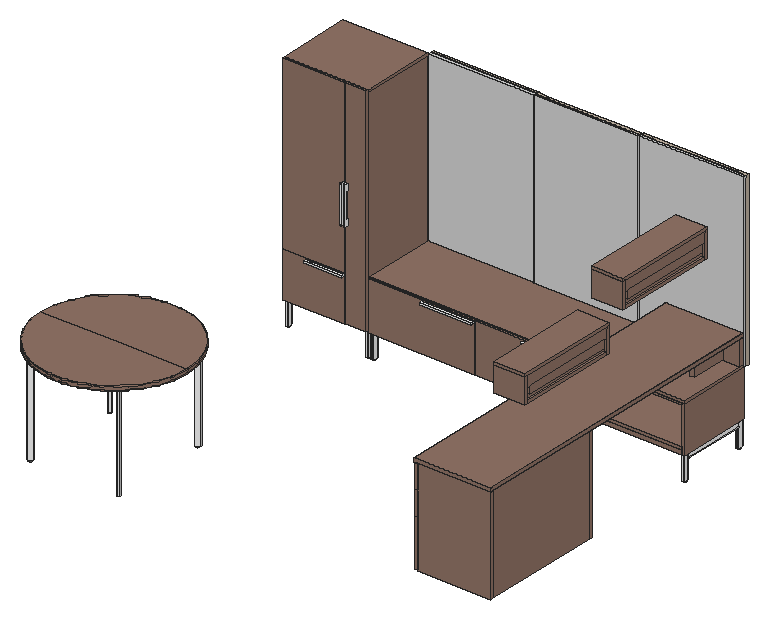
Revit family "FLV005", category Furniture, Revit 2019
Family settings
  OmniClass Number = 23.40.20.00
  OmniClass Title = General Furniture and Specialties
  Work Plane-Based = No
  Always vertical = Yes
  Cut with Voids When Loaded = No
  Shared = Yes
  Room Calculation Point = No
Parameters
  Series = "Flux Veneer"
  Manufacturer = "JSI"
  Description = "FLV005"
Reference planes (in)
  plane 1 "Center Front/Back": y = 0
  plane 2: z = 0
  plane 3 "Center Left/Right": x = 0
Dimensions and locks (in)
  aligned and locked: level to plane 2
Nested families (in)
  nested 1: "JSI-Flux-Pensl_Crednz" at (-10.75, -37.86652, 0.24984) x (0, -1, 0) z (0, 0, 1), type "FLV2290-29FPCK3, BBF Lt Pnsl Crdnz, L, Veneer"
    with Width 7' - 6", V_Top_Support_Dist 0' - 0 1/16", Top_Right_Pull_Dist 0' - 0 7/32", Top_Left_Pull_Dist 0' - 0 7/32", Pdst_L no, Pdst_Dist 4' - 5 15/16", Pdst_Depth 1' - 9 3/4", H_Top_Support_Dist 0' - 1 1/4", Depth 1' - 10", C_Pull_Dist 0' - 0 7/32", Bottom_Pull_Dist 0' - 0 7/32"
  nested 2: "JSI-Flux- Lat_File_Ped_Crednz_Leg" at (-53.81087, -12.37881, 0), type "FLV2290-21L660, Lt File Opn Pdst Crdnz, Fls Lg, Veneer"
    with Width 7' - 6", R_Shocket Dist 1' - 0.29167", R_Pull Dist 4' - 11.61979", R_Pull no, R2_Partition no, Leg Width 7' - 6", L_Socket Dist 7' - 7", Partition Dist 2' - 4.95833", L_Pull Dist 2' - 6.38021", Flush Legs yes, L666 no, L660 yes, Door Width 2' - 6.33333", Door Array Dist 0' - 0", C_Pull Dist 4' - 3.90885"
  nested 3: "JSI-Flux-Wall_Mount_Tack_Panel" at (-53.81087, -10.80516, -8.47058), type "FLB3049WT, Wall Mount Tack Panel"
    with Width 2' - 6", Support Height 0' - 7 1/2", Height 4' - 1", Depth 0' - 1.56"
  nested 4: "JSI-Flux-Wall_Mount_Tack_Panel" at (-23.81034, -11.06136, -8.47058), type "FLB3049WT, Wall Mount Tack Panel"
    with Width 2' - 6", Support Height 0' - 7 1/2", Height 4' - 1", Depth 0' - 1.56"
  nested 5: "JSI-Flux-Wall_Mount_Tack_Panel" at (6.18966, -10.80516, -8.46105), type "FLB3049WT, Wall Mount Tack Panel"
    with Width 2' - 6", Support Height 0' - 7 1/2", Height 4' - 1", Depth 0' - 1.56"
  nested 6: "JSI-Flux_9_D_Wall_Mount_Cub" at (-10.75, -50.69294, 25.0625) x (0, -1, 0) z (0, 0, 1), type "FLV0930WCU, 9" D Wall Mount Cub, Veneer"
    with Width 2' - 6", Cubbie Distance 1' - 2 5/8", Cubbie Array dist 0' - 0", # of Cubbies 2
  nested 7: "JSI-Flux_9_D_Wall_Mount_Cub" at (-10.75, -85.69294, 15.96875) x (0, -1, 0) z (0, 0, 1), type "FLV0930WCU, 9" D Wall Mount Cub, Veneer"
    with Width 2' - 6", Cubbie Distance 1' - 2 5/8", Cubbie Array dist 0' - 0", # of Cubbies 2
  nested 8: "JSI-Flux-Round_Table" at (-71.81087, -102.37881, 0), type "FLV4242RT,Veneer 42x42 Round Table"
  nested 9: "JSI-Flux-Wardrobe-Sc_Ht" at (-78.26247, -12.50381, 0), type "FLV2224-69SL8DWR, Strg Cab Dr, Wb, R, Fls Lg, Veneer"
    with Top_Pull_Dist 0' - 6 29/32", Top_2_Pull_Dist 2' - 2 1/16", R_Vertical_Pull_Dist 1' - 6 5/16", Leg_Width 2' - 0 1/16", L_Vertical_Pull_Dist 1' - 5 3/4", Hngr_R no, Hngr_L yes, Hanger_Dist 1' - 5 9/32", H_Void_Width 1' - 6", H_Void_H_Dist 0' - 0", H_Dist_V_Void 1' - 5 31/32", H_Dist_C_Panel 0' - 0", Top_Shelf_Width 1' - 4 1/2", Width 2' - 0 1/16", Partition Dist 1' - 5 9/32", L no, H_Dist_Top_Shelf 0' - 0 25/32", H_Dist_Bottom_Shelf 1' - 5 1/4", F7 yes, F2 no, C_Shelf_Width 1' - 4 1/2", C_Pull_Dist 0' - 6 29/32", Bottom_Pull_Dist 0' - 6 29/32", Bottom Pull no
Definition of nested family "JSI-Flux-Pensl_Crednz"
  Parameters (values of type "Type Catalog - Pnsl Crdnz")
    Width = 8' - 0"
    V_Top_Support_Dist = if(Pdst_L, Width - 0' 0 1/16" - 0' 1 3/16", 0' 0 1/16")  # 7' - 10 3/4"
    V_Door_Void_Dist = if(C7, (if(Pdst_Width > 1' 10", 0' 0", 0' 2")), (if(C8, 0' 0", 0' 2")))  # 0' - 2"
    Top_V_Door_Void_Dist = if(C, 0' 0", 0' 2")  # 0' - 2"
    Top_Right_Pull_Dist = if(C3, (if(Width > 4' 6", (if(Pdst_L, Pdst_Width - 0' 0 7/32" - Pull Width, 0' 0 7/32")), ((Pdst_Width - Pull Width) / 2))), if(C4, (if(Width > 4' 6", (if(Pdst_L, Pdst_Width - 0' 0 7/32" - Pull Width, 0' 0 7/32")), ((Pdst_Width - Pull Width) / 2))), ((if(Pdst_Width > 1' 10", (Pdst_Width / 2) + 0' 0 7/32", (if(C7, (if(L, (Pdst_Width - Pull Width - 0' 0 7/32"), 0' 0 7/32")), (if(Width > 4' 6", (if(Pdst_L, Pdst_Width - 0' 0 7/32" - Pull Width, 0' 0 7/32")), ((Pdst_Width - Pull Width) / 2))))))))))  # 1' - 8 29/32"
    Top_Left_Pull_Dist = if(C3, (if(Width > 4' 6", (if(Pdst_L, Pdst_Width - 0' 0 7/32" - Pull Width, 0' 0 7/32")), ((Pdst_Width - Pull Width) / 2))), if(C4, (if(Width > 4' 6", (if(Pdst_L, Pdst_Width - 0' 0 7/32" - Pull Width, 0' 0 7/32")), ((Pdst_Width - Pull Width) / 2))), (if(Pdst_Width > 1' 10", ((Pdst_Width / 2) - 0' 0 7/32" - Pull Width), (if(C7, (if(L, (Pdst_Width - Pull Width - 0' 0 7/32"), 0' 0 7/32")), (if(Width > 4' 6", (if(Pdst_L, Pdst_Width - 0' 0 7/32" - Pull Width, 0' 0 7/32")), ((Pdst_Width - Pull Width) / 2)))))))))  # 1' - 8 29/32"
    Top Shelf = if(C8, 2 > 1, 1 > 2)  # no
    Top Pull V_Dist = if(C8, 0' 7 5/64", 0' 0 3/16")  # 0' - 0 3/16"
    Top Door = if(C8, 1 > 2, (if(C0, 1 > 2, 2 > 1)))  # yes
    Top = none
    URL = "www.jsifurniture.com"
    Type Comments = ""
    T_R_Pull = if(C0, 1 > 2, 2 > 1)  # yes
    T_L_Pull = if(C0, 1 > 2, 2 > 1)  # yes
    TAG = if(C1, "BBF", (if(C2, "FF", (if(C3, "BBF", (if(C4, "FF", (if(C8, "2 Doors", (if(C0, "Open", (if(C, "BBF", (if(C7, (if(Pdst_Width > 1' 10", "2 Doors", "1 Door")), "2 Doors")))))))))))))))  # "BBF"
    Shelf Height = if(Top Shelf, 1' 0 17/32", 0' 11 3/32")  # 0' - 11 3/32"
    Shelf = none
    Series = "FLUX"  # constant formula
    R_Door_Void_Dist = if(C1, 0' 0", (if(C3, 0' 0", (if(C, (if(L, 0' 0", 0' 2")), 0' 2")))))  # 0' - 0"
    Pull Width = if(C4, 1' 2 7/8", (if(C3, 1' 2 7/8", 0' 10 27/32")))  # 1' - 2 7/8"
    Pull Finish = none
    Pdst_Width = if(C1, 1' 6", (if(C2, 1' 6", 3' 0")))  # 3' - 0"
    Pdst_L = yes
    Pdst_Dist = if(Pdst_L, 0' 0 1/16", Width - Pdst_Width - 0' 0 1/16")  # 0' - 0 1/16"
    Pdst_Depth = Depth - 0' 0 1/4"  # 1' - 9 13/16"
    Model = ""
    Manufacturer = "JSI"  # constant formula
    C8 = no
    C7 = no
    C4 = no
    C3 = yes
    C2 = no
    C1 = no
    C0 = no
    C = no
    L_Door_Void_Dist = if(C1, 0' 0", (if(C3, 0' 0", (if(C, (if(L, 0' 2", 0' 0")), 0' 2")))))  # 0' - 0"
    L = no
    Keynote = "12500"
    JSI Enviromental Website = "http://www.jsifurniture.com/jsi_sustainability_intro.php"
    Height = 2' - 5"
    H_Top_Support_Dist = if(Pdst_L, Width - 0' 1 3/16" - 0' 10" - 0' 0 1/16", 0' 0 1/16" + 0' 1 3/16")  # 7' - 0 3/4"
    Glides = none
    Drawer Line = if(C1, 2 > 1, (if(C2, 2 > 1, (if(C3, 2 > 1, (if(C4, 2 > 1, (if(C, 2 > 1, (if(C7, (if(Pdst_Width > 1' 10", 1 > 2, 2 > 1)), 1 > 2)))))))))))  # yes
    Doors Line = if(C, 2 > 1, 1 > 2)  # no
    Door Line = if(C7, (if(Pdst_Width > 1' 10", 2 > 1, 1 > 2)), (if(C8, 2 > 1, (if(C, 2 > 1, 1 > 2)))))  # no
    Door Height = if(C7, (Height - 0' 0 5/16" - 0' 0 1/4" - 0' 1 3/16"), (if(C8, (Height - 0' 0 5/16" - 0' 7 3/32" - 0' 1 3/16"), (Height - 0' 0 5/16" - 0' 0 1/4" - 0' 0 1/8" - 0' 1 3/16") / 2)))  # 1' - 1 9/16"
    Depth = 1' - 10 1/16"
    C_Shelf = if(C0, 2 > 1, (if(C1, 2 > 1, (if(C2, 2 > 1, (if(C7, 2 > 1, (if(C8, 2 > 1, 1 > 2)))))))))  # no
    C_Pull_Dist = if(C, (if(L, ((Pdst_Width / 2) + 0' 0 7/32"), ((Pdst_Width / 2) - 0' 0 7/32" - Pull Width))), (if(C1, (if(Width > 4' 6", (if(Pdst_L, Pdst_Width - 0' 0 7/32" - Pull Width, 0' 0 7/32")), ((Pdst_Width - Pull Width) / 2))), (if(C3, (if(Width > 4' 6", (if(Pdst_L, Pdst_Width - 0' 0 7/32" - Pull Width, 0' 0 7/32")), ((Pdst_Width - Pull Width) / 2))), Pdst_Width)))))  # 1' - 8 29/32"
    C_Pull = if(C, 2 > 1, (if(C1, 2 > 1, (if(C3, 2 > 1, 1 > 2)))))  # yes
    C_Partition = if(C0, 1 > 2, (if(C1, 1 > 2, (if(C2, 1 > 2, (if(C3, 1 > 2, (if(C4, 1 > 2, (if(C7, 1 > 2, (if(C8, 1 > 2, 2 > 1)))))))))))))  # no
    Bottom_Pull_Dist = if(C, ((Pdst_Width - BT_Pull_Width) / 2), (if(Pdst_L, Pdst_Width - 0' 0 7/32" - BT_Pull_Width, 0' 0 7/32")))  # 1' - 8 29/32"
    Bottom Panel Dist = if(C7, 0' 0", (if(C8, 0' 0", (if(C0, 0' 0", 0' 5 1/8")))))  # 0' - 5 1/8"
    Bottom Door = if(C0, 1 > 2, 2 > 1)  # yes
    Back Panel = none
    Door Front = none
    Description = ""
    Chassis = none
    BT_Pull_Width = if(C2, (if(Pdst_Width > 1' 10", 1' 2 7/8", 0' 10 27/32")), (if(C4, (if(Pdst_Width > 1' 10", 1' 2 7/8", 0' 10 27/32")), (if(C3, (if(Pdst_Width > 1' 10", 1' 2 7/8", 0' 10 27/32")), (if(C, (if(Pdst_Width > 1' 10", 1' 2 7/8", 0' 10 27/32")), 0' 10 27/32")))))))  # 1' - 2 7/8"
    BT_Pull_Line = if(C0, 1 > 2, 1 > 2)  # no
    BT_Pull = if(C7, 1 > 2, (if(C8, 1 > 2, (if(C0, 1 > 2, 2 > 1)))))  # yes
    Assembly Code = "E2020200"
  Reference planes (in)
    plane 1: z = 0
    plane 2 "Center (Left/Right)": x = -36.06413
    plane 3 "Center (Front/Back)": y = 10.75
    plane 4: x = -36.00163
    plane 5: x = -35.25163
    plane 6: x = -0.00163
    plane 7: x = -0.75163
    plane 8: y = -11.1875
    plane 9: y = 10.625
    plane 10: y = 9.875
    plane 11: x = -18.00163
    plane 12: y = -10.4375
    plane 13: z = 27.8125
    plane 14: z = 0.3125
    plane 15: z = 1.5
    plane 16: z = 2.25
    plane 17: z = 16.71875
    plane 18: z = 15.96875
    plane 19: z = 27.0625
    plane 20: z = 20.96875
    plane 21: z = 20.21875
    plane 22: z = 25.0625
    plane 23: y = 7.15625
    plane 24: y = 6.71875
    plane 25: y = 2.21875
    plane 26: y = -5.9375
    plane 27: y = -6.4375
    plane 28: y = 5.40625
    plane 29: y = 9.09375
    plane 30: y = -9
    plane 31: x = -34.25163
    plane 32: x = -1.75163
    plane 33: y = 8.59375
    plane 34: y = 6.09375
    plane 35: x = -21.00163
    plane 36: x = -15.00163
    plane 37: x = -18.37663
    plane 38: x = -17.62663
    plane 39: z = 27.6875
    plane 40: z = 0.4375
    plane 41: z = 14
    plane 42: z = 14.125
    plane 43: x = -18.06413
    plane 44: x = -17.93913
    plane 45: x = -35.93913
    plane 46: x = -0.06413
    plane 47: z = 20.84375
    plane 48: z = 20.96875
    plane 49: z = 20.90625
    plane 50: y = -10.4375
    plane 51: y = -11.4375
    plane 52: y = -10.4375
    plane 53: y = -11.4375
    plane 54: y = -12.4375
    plane 55: y = -13.4375
    plane 56: y = -12.4375
    plane 57: y = -13.4375
    plane 58: x = -15.09538
    plane 59: x = -15.09538
    plane 60: x = -15.09538
    plane 61: x = -15.09538
    plane 62: z = 27.5
    plane 63: z = 20.65625
    plane 64: z = 13.8125
    plane 65: z = 29
    plane 66: x = 59.93587
    plane 67: x = 59.87337
    plane 68: x = 58.68587
    plane 69: y = 10.6875
    plane 70: y = -11.3125
    plane 71: z = 22.8125
    plane 72: y = -0.28125
    plane 73: y = 5.23437
    plane 74: y = -5.79688
    plane 75: y = 5.82812
    plane 76: y = 4.64062
    plane 77: y = -5.20313
    plane 78: y = -6.39063
    plane 79: z = 21
    plane 80: x = 58.68587
    plane 81: x = 48.68587
  Forms (in)
    Extrusion 1, solid, material <- "Chassis"
      sketch origin (0, 0, 0) x (0, 1, 0) y (0, 0, 1)
        loop
          line (10.6875, 27.8125) -> (-10.4375, 27.8125) -> (-10.4375, 0.3125) -> (10.6875, 0.3125) -> (10.6875, 27.8125)
      from -36.00163 to -35.25163
    Extrusion 2, solid, material <- "Chassis"
      sketch origin (0, 0, 0) x (0, 1, 0) y (0, 0, 1)
        loop
          line (10.6875, 27.8125) -> (-10.4375, 27.8125) -> (-10.4375, 0.3125) -> (10.6875, 0.3125) -> (10.6875, 27.8125)
      from -0.75163 to -0.00163
    Extrusion 3, solid, material <- "Shelf"
      sketch origin (0, 0, 0) x (0, 1, 0) y (0, 0, 1)
        loop
          line (-6.4375, 1.5) -> (-10.4375, 1.5) -> (-10.4375, 0.3125) -> (-6.4375, 0.3125) -> (-6.4375, 1.5)
      from -35.25163 to -0.75163
    Extrusion 4, solid, material <- "Shelf"
      sketch origin (0, 0, 0) x (0, 1, 0) y (0, 0, 1)
        loop
          line (5.40625, 2.25) -> (-10.4375, 2.25) -> (-10.4375, 1.5) -> (5.40625, 1.5) -> (5.40625, 2.25)
      from -35.25163 to -0.75163
    Extrusion 5, solid, material <- "Top"
      sketch origin (0, 0, 0) x (0, 1, 0) y (0, 0, 1)
        loop
          line (6.71875, 27.0625) -> (6.71875, 27.8125) -> (2.21875, 27.8125) -> (2.21875, 27.0625) -> (6.71875, 27.0625)
      from -35.25163 to -0.75163
    Extrusion 6, solid, material <- "Top"
      sketch origin (0, 0, 0) x (0, 1, 0) y (0, 0, 1)
        loop
          line (-6.4375, 27.8125) -> (-10.4375, 27.8125) -> (-10.4375, 27.0625) -> (-6.4375, 27.0625) -> (-6.4375, 27.8125)
      from -35.25163 to -0.75163
    Extrusion 7, solid, material <- "Glides"
      sketch origin (0, 0, 0) x (1, 0, 0) y (0, 1, 0)
        loop
          circle (-34.25163, 9.09375) r 0.5
      from 0 to 0.3125
    Extrusion 8, solid, material <- "Glides"
      sketch origin (0, 0, 0) x (1, 0, 0) y (0, 1, 0)
        loop
          circle (-1.75163, 9.09375) r 0.5
      from 0 to 0.3125
    Extrusion 9, solid, material <- "Glides"
      sketch origin (0, 0, 0) x (1, 0, 0) y (0, 1, 0)
        loop
          circle (-34.25163, -9) r 0.5
      from 0 to 0.3125
    Extrusion 10, solid, material <- "Glides"
      sketch origin (0, 0, 0) x (1, 0, 0) y (0, 1, 0)
        loop
          circle (-1.75163, -9) r 0.5
      from 0 to 0.3125
    Extrusion 11, solid, material <- "Shelf", visible <- "C_Shelf"
      sketch origin (0, 0, 0) x (0, 1, 0) y (0, 0, 1)
        loop
          line (9.875, 16.71875) -> (-10.4375, 16.71875) -> (-10.4375, 15.96875) -> (9.875, 15.96875) -> (9.875, 16.71875)
      from -35.25163 to -0.75163
    Extrusion 12, solid, material <- "Shelf", visible <- "Top Shelf"
      sketch origin (0, 0, 0) x (1, 0, 0) y (0, 1, 0)
        loop
          line (-0.75163, 9.09375) -> (-35.25163, 9.09375) -> (-35.25163, -10.4375) -> (-0.75163, -10.4375) -> (-0.75163, 9.09375)
        loop
          line (-16.00163, 8.59375) -> (-20.00163, 8.59375)
          arc (-20.00163, 8.59375) -> (-20.70874, 8.30086) -> (-21.00163, 7.59375) r 1
          line (-21.00163, 7.59375) -> (-21.00163, 7.09375)
          arc (-21.00163, 7.09375) -> (-20.70874, 6.38664) -> (-20.00163, 6.09375) r 1
          line (-20.00163, 6.09375) -> (-16.00163, 6.09375)
          arc (-16.00163, 6.09375) -> (-15.29453, 6.38664) -> (-15.00163, 7.09375) r 1
          line (-15.00163, 7.09375) -> (-15.00163, 7.59375)
          arc (-15.00163, 7.59375) -> (-15.29453, 8.30086) -> (-16.00163, 8.59375) r 1
      from 20.21875 to 20.96875
    Extrusion 13, solid, material <- "Chassis", visible <- "C_Partition"
      sketch origin (0, 0, 0) x (0, 1, 0) y (0, 0, 1)
        loop
          line (9.875, 27.0625) -> (-10.4375, 27.0625) -> (-10.4375, 14.0625) -> (9.875, 14.0625) -> (9.875, 27.0625)
      from -18.37663 to -17.62663
    Extrusion 14, solid, material <- "Door Front", visible <- "Top Door"
      sketch origin (0, 0, 0) x (1, 0, 0) y (0, 1, 0)
        loop
          line (-0.06413, -10.4375) -> (-35.93913, -10.4375) -> (-35.93913, -11.1875) -> (-0.06413, -11.1875) -> (-0.06413, -10.4375)
      from 14.125 to 27.6875
    Extrusion 15, solid, material <- "Door Front", visible <- "Bottom Door"
      sketch origin (0, 0, 0) x (1, 0, 0) y (0, 1, 0)
        loop
          line (-35.93913, -10.4375) -> (-35.93913, -11.1875) -> (-0.06413, -11.1875) -> (-0.06413, -10.4375) -> (-35.93913, -10.4375)
      from 0.4375 to 14
    Extrusion 16, void
      sketch origin (0, 0, 0) x (1, 0, 0) y (0, 1, 0)
        loop
          line (-36.00163, -10.4375) -> (-36.00163, -11.4375) -> (-17.93913, -11.4375) -> (-17.93913, -10.4375) -> (-36.00163, -10.4375)
      from 20.84375 to 20.96875
    Extrusion 17, void
      sketch origin (0, 0, 0) x (1, 0, 0) y (0, 1, 0)
        loop
          line (-18.06413, -10.4375) -> (-18.06413, -11.4375) -> (-0.00163, -11.4375) -> (-0.00163, -10.4375) -> (-18.06413, -10.4375)
      from 20.84375 to 20.96875
    Extrusion 18, void
      sketch origin (0, 0, 0) x (1, 0, 0) y (0, 1, 0)
        loop
          line (-18.06413, -12.4375) -> (-18.06413, -13.4375) -> (-17.93913, -13.4375) -> (-17.93913, -12.4375) -> (-18.06413, -12.4375)
      from 14 to 27.8125
    Extrusion 19, void
      sketch origin (0, 0, 0) x (1, 0, 0) y (0, 1, 0)
        loop
          line (-18.06413, -12.4375) -> (-18.06413, -13.4375) -> (-17.93913, -13.4375) -> (-17.93913, -12.4375) -> (-18.06413, -12.4375)
      from 0 to 27.8125
    Extrusion 20, solid, material <- "Back Panel"
      sketch origin (0, 0, 0) x (0, 1, 0) y (0, 0, 1)
        loop
          line (9.875, 27.8125) -> (8.59375, 27.8125) -> (8.59375, 22.8125) -> (9.875, 22.8125) -> (9.875, 27.8125)
      from -35.25163 to -0.75163
    Extrusion 21, solid, material <- "Back Panel"
      sketch origin (0, 0, 0) x (0, 1, 0) y (0, 0, 1)
        loop
          line (10.625, 27.8125) -> (9.875, 27.8125) -> (9.875, 0.3125) -> (10.625, 0.3125) -> (10.625, 27.8125)
      from -35.25163 to -0.75163
    Extrusion 22, solid, material <- "Top"
      sketch origin (0, 0, 0) x (0, 1, 0) y (0, 0, 1)
        loop
          line (10.625, 29) -> (-11.1875, 29)
          arc (-11.1875, 29) -> (-11.27589, 28.96339) -> (-11.3125, 28.875) r 0.125
          line (-11.3125, 28.875) -> (-11.3125, 27.9375)
          arc (-11.3125, 27.9375) -> (-11.27589, 27.84911) -> (-11.1875, 27.8125) r 0.125
          line (-11.1875, 27.8125) -> (10.625, 27.8125)
          arc (10.625, 27.8125) -> (10.71339, 27.84911) -> (10.75, 27.9375) r 0.125
          line (10.75, 27.9375) -> (10.75, 28.875)
          arc (10.75, 28.875) -> (10.71339, 28.96339) -> (10.625, 29) r 0.125
      from -36.06413 to 59.93587
    Extrusion 23, solid, material <- "Chassis"
      sketch origin (0, 0, 0) x (1, 0, 0) y (0, 1, 0)
        loop
          line (58.68587, 5.82812) -> (48.68587, 5.82812) -> (48.68587, 4.64062) -> (58.68587, 4.64062) -> (58.68587, 5.82812)
      from 21 to 27.8125
    Extrusion 24, solid, material <- "Chassis"
      sketch origin (0, 0, 0) x (1, 0, 0) y (0, 1, 0)
        loop
          line (48.68587, -5.20313) -> (48.68587, -6.39063) -> (58.68587, -6.39063) -> (58.68587, -5.20313) -> (48.68587, -5.20313)
      from 21 to 27.8125
    Extrusion 25, solid, material <- "Chassis"
      sketch origin (0, 0, 0) x (1, 0, 0) y (0, 1, 0)
        loop
          line (58.68587, 10.75) -> (58.68587, -11.3125) -> (59.87337, -11.3125) -> (59.87337, 10.75) -> (58.68587, 10.75)
      from 21 to 27.8125
  Cuts and joins
    Extrusion 16, Extrusion 17, Extrusion 18, Extrusion 19 cuts Extrusion 14
    Extrusion 19 cuts Extrusion 15
  Lines and regions (in)
    symbolic lines, visible <- "C_Partition", detail levels medium+fine
      curve 1: line (-18.37663, 9.875, 0) -> (-18.37663, -10.4375, 0)
      curve 2: line (-17.62663, 9.875, 0) -> (-17.62663, -10.4375, 0)
      curve 3: line (-17.62663, 9.875, 0) -> (-18.37663, 9.875, 0)
      curve 4: line (-17.62663, -10.4375, 0) -> (-18.37663, -10.4375, 0)
    symbolic lines
      curve 5: line (-36.06413, 10.75, 0) -> (-36.06413, -11.3125, 0)
      curve 6: line (59.93587, 10.75, 0) -> (-36.06413, 10.75, 0)
      curve 7: line (59.93587, -11.3125, 0) -> (-36.06413, -11.3125, 0)
      curve 8: line (59.93587, 10.75, 0) -> (59.93587, -11.3125, 0)
    symbolic lines, detail levels medium+fine
      curve 9: line (58.68587, 10.75, 0) -> (58.68587, -11.3125, 0)
      curve 10: line (59.87337, 10.75, 0) -> (59.87337, -11.3125, 0)
      curve 11: line (59.87337, 10.75, 0) -> (58.68587, 10.75, 0)
      curve 12: line (59.87337, -11.3125, 0) -> (58.68587, -11.3125, 0)
      curve 13: line (58.68587, 5.82812, 0) -> (48.68587, 5.82812, 0)
      curve 14: line (58.68587, 4.64062, 0) -> (48.68587, 4.64062, 0)
      curve 15: line (48.68587, 5.82812, 0) -> (48.68587, 4.64062, 0)
      curve 16: line (58.68587, 5.82812, 0) -> (58.68587, 4.64062, 0)
      curve 17: line (58.68587, -5.20313, 0) -> (48.68587, -5.20313, 0)
      curve 18: line (58.68587, -6.39063, 0) -> (48.68587, -6.39063, 0)
      curve 19: line (48.68587, -5.20313, 0) -> (48.68587, -6.39063, 0)
      curve 20: line (58.68587, -5.20313, 0) -> (58.68587, -6.39063, 0)
      curve 21: line (-0.75163, 10.625, 0) -> (-35.25163, 10.625, 0)
      curve 22: line (-0.75163, 9.875, 0) -> (-35.25163, 9.875, 0)
      curve 23: line (-36.00163, 10.6875, 0) -> (-36.00163, -10.4375, 0)
      curve 24: line (-35.25163, 10.6875, 0) -> (-35.25163, -10.4375, 0)
      curve 25: line (-35.25163, 10.6875, 0) -> (-36.00163, 10.6875, 0)
      curve 26: line (-35.25163, -10.4375, 0) -> (-36.00163, -10.4375, 0)
      curve 27: line (-0.75163, 10.6875, 0) -> (-0.75163, -10.4375, 0)
      curve 28: line (-0.00163, 10.6875, 0) -> (-0.00163, -10.4375, 0)
      curve 29: line (-0.00163, 10.6875, 0) -> (-0.75163, 10.6875, 0)
      curve 30: line (-0.00163, -10.4375, 0) -> (-0.75163, -10.4375, 0)
  Dimensions and locks (in)
    "Pdst_Width": plane 4 to plane 6
    equal spacing: plane 4, plane 11, plane 6
    plane 10 to plane 9 to plane 3 "Center (Front/Back)" = 0' - 0 3/4" locked, 0' - 0 1/8" locked
    locked: plane 8 to plane 12 at 0.75
    plane 4 to plane 5 to plane 31 = 0' - 0 3/4" locked, 0' - 1" locked
    plane 32 to plane 7 to plane 6 = 0' - 1" locked, 0' - 0 3/4" locked
    locked: plane 13 to plane 19 at 0.75
    locked: plane 17 to plane 18 at 0.75
    locked: plane 14 to plane 1 at 0.3125
    plane 16 to plane 15 to plane 14 = 0' - 0 3/4" locked, 0' - 1 3/16" locked
    "Shelf Height": plane 13 to plane 17
    locked: plane 20 to plane 21 at 0.75
    locked: plane 13 to plane 20 at 6.84375
    locked: plane 13 to plane 22 at 2.75
    plane 25 to plane 24 to plane 23 to plane 3 "Center (Front/Back)" = 0' - 4 1/2" locked, 0' - 0 7/16" locked, 0' - 3 19/32" locked
    locked: plane 12 to plane 26 at 4.5
    locked: plane 12 to plane 27 at 4
    locked: plane 29 to plane 3 "Center (Front/Back)" at 1.65625
    locked: plane 12 to plane 30 at 1.4375
    plane 34 to plane 33 to plane 10 = 0' - 2 1/2" locked, 0' - 1 9/32" locked
    locked: plane 35 to plane 36 at 6
    equal spacing: plane 35, plane 11, plane 36
    plane 37 to plane 11 to plane 38 = 0' - 0 3/8" locked, 0' - 0 3/8" locked
    locked: plane 13 to plane 39 at 0.125
    locked: plane 16 to plane 40 at 1.8125
    "Door Height": plane 41 to plane 40
    "Door Height": plane 39 to plane 42
    plane 43 to plane 11 to plane 44 = 0' - 0 1/16" locked, 0' - 0 1/16" locked
    locked: plane 4 to plane 45 at 0.0625
    locked: plane 46 to plane 6 at 0.0625
    plane 48 to plane 49 to plane 47 = 0' - 0 1/16" locked, 0' - 0 1/16" locked
    equal spacing: plane 39, plane 49, plane 42
    locked: plane 51 to plane 50 at 1
    locked: plane 53 to plane 52 at 1
    "L_Door_Void_Dist": plane 50 to plane 12
    "R_Door_Void_Dist": plane 52 to plane 12
    locked: plane 55 to plane 54 at 1
    "Top_V_Door_Void_Dist": plane 54 to plane 12
    locked: plane 57 to plane 56 at 1
    "V_Door_Void_Dist": plane 56 to plane 12
    locked: plane 47 to plane 63 at 0.1875
    "Top Pull V_Dist": plane 39 to plane 62
    locked: plane 41 to plane 64 at 0.1875
    "Top_Left_Pull_Dist": plane 4 to plane 58
    "Top_Right_Pull_Dist": plane 4 to plane 59
    "C_Pull_Dist": plane 4 to plane 60
    "Bottom_Pull_Dist": plane 4 to plane 61
    "Height": plane 65 to plane 1
    "Pdst_Dist": plane 2 "Center (Left/Right)" to plane 4
    "Pdst_Depth": plane 8 to plane 9
    locked: plane 69 to plane 3 "Center (Front/Back)" at 0.0625
    locked: plane 70 to plane 8 at 0.125
    "Depth": plane 70 to plane 3 "Center (Front/Back)"
    locked: plane 13 to plane 71 at 5
    "Width": plane 2 "Center (Left/Right)" to plane 66
    equal spacing: plane 70, plane 72, plane 3 "Center (Front/Back)"
    equal spacing: plane 72, plane 73, plane 3 "Center (Front/Back)"
    equal spacing: plane 70, plane 74, plane 72
    locked: plane 78 to plane 77 at 1.1875
    locked: plane 74 to plane 77 at 0.59375
    locked: plane 76 to plane 75 at 1.1875
    locked: plane 73 to plane 75 at 0.59375
    locked: plane 13 to plane 79 at 6.8125
    locked: plane 81 to plane 80 at 10
    locked: plane 68 to plane 67 at 1.1875
    "H_Top_Support_Dist": plane 2 "Center (Left/Right)" to plane 81
    "V_Top_Support_Dist": plane 2 "Center (Left/Right)" to plane 68
    locked: curve 25 to curve 26 at 21.125
    locked: curve 29 to curve 30 at 21.125
    locked: curve 23 to curve 24 at 0.75
    locked: curve 27 to curve 28 at 0.75
    curve 29 to curve 30 = 1' - 9 1/8"
    radius of Extrusion 7 sketch curve = 0' - 0 1/2"
    radius of Extrusion 8 sketch curve = 0' - 0 1/2"
    radius of Extrusion 9 sketch curve = 0' - 0 1/2"
    radius of Extrusion 10 sketch curve = 0' - 0 1/2"
    aligned and locked: level to plane 1
    aligned and locked: plane 13 to Extrusion 1 sketch curve
    aligned and locked: plane 12 to Extrusion 1 sketch curve
    aligned and locked: plane 14 to Extrusion 1 sketch curve
    aligned and locked: Extrusion 1 to plane 4
    aligned and locked: plane 5 to Extrusion 1
    aligned and locked: plane 13 to Extrusion 2 sketch curve
    aligned and locked: plane 12 to Extrusion 2 sketch curve
    aligned and locked: plane 14 to Extrusion 2 sketch curve
    aligned and locked: Extrusion 2 to plane 7
    aligned and locked: plane 6 to Extrusion 2
    aligned and locked: plane 27 to Extrusion 3 sketch curve
    aligned and locked: plane 12 to Extrusion 3 sketch curve
    aligned and locked: plane 15 to Extrusion 3 sketch curve
    aligned and locked: plane 14 to Extrusion 3 sketch curve
    aligned and locked: Extrusion 3 to plane 5
    aligned and locked: plane 7 to Extrusion 3
    aligned and locked: plane 16 to Extrusion 4 sketch curve
    aligned and locked: plane 15 to Extrusion 4 sketch curve
    aligned and locked: plane 12 to Extrusion 4 sketch curve
    aligned and locked: plane 28 to Extrusion 4 sketch curve
    aligned and locked: Extrusion 4 to plane 5
    aligned and locked: plane 7 to Extrusion 4
    aligned and locked: plane 19 to Extrusion 5 sketch curve
    aligned and locked: plane 13 to Extrusion 5 sketch curve
    aligned and locked: plane 24 to Extrusion 5 sketch curve
    aligned and locked: plane 25 to Extrusion 5 sketch curve
    aligned and locked: plane 27 to Extrusion 6 sketch curve
    aligned and locked: plane 12 to Extrusion 6 sketch curve
    aligned and locked: plane 19 to Extrusion 6 sketch curve
    aligned and locked: plane 13 to Extrusion 6 sketch curve
    aligned and locked: Extrusion 6 to plane 5
    aligned and locked: Extrusion 5 to plane 5
    aligned and locked: plane 7 to Extrusion 6
    aligned and locked: plane 7 to Extrusion 5
    aligned and locked: Extrusion 7 to plane 1
    aligned and locked: Extrusion 9 to plane 1
    aligned and locked: Extrusion 8 to plane 1
    aligned and locked: Extrusion 10 to plane 1
    aligned and locked: plane 14 to Extrusion 7
    aligned and locked: plane 14 to Extrusion 9
    aligned and locked: plane 14 to Extrusion 8
    aligned and locked: plane 14 to Extrusion 10
    aligned and locked: plane 17 to Extrusion 11 sketch curve
    aligned and locked: plane 18 to Extrusion 11 sketch curve
    aligned and locked: plane 12 to Extrusion 11 sketch curve
    aligned and locked: Extrusion 11 to plane 5
    aligned and locked: plane 7 to Extrusion 11
    aligned and locked: Extrusion 12 sketch curve to plane 29
    aligned and locked: Extrusion 12 sketch curve to plane 5
    aligned and locked: Extrusion 12 sketch curve to plane 7
    aligned and locked: Extrusion 12 sketch curve to plane 12
    aligned and locked: plane 20 to Extrusion 12
    aligned and locked: Extrusion 12 to plane 21
    aligned and locked: Extrusion 12 sketch curve to plane 33
    aligned and locked: Extrusion 12 sketch curve to plane 34
    aligned and locked: Extrusion 12 sketch curve to plane 35
    aligned and locked: Extrusion 12 sketch curve to plane 36
    aligned and locked: plane 10 to Extrusion 13 sketch curve
    aligned and locked: plane 19 to Extrusion 13 sketch curve
    aligned and locked: plane 12 to Extrusion 13 sketch curve
    aligned and locked: Extrusion 13 to plane 37
    aligned and locked: plane 38 to Extrusion 13
    aligned and locked: Extrusion 14 sketch curve to plane 12
    aligned and locked: Extrusion 14 sketch curve to plane 8
    aligned and locked: Extrusion 14 sketch curve to plane 45
    aligned and locked: Extrusion 14 sketch curve to plane 46
    aligned and locked: plane 39 to Extrusion 14
    aligned and locked: Extrusion 14 to plane 42
    aligned and locked: Extrusion 15 sketch curve to plane 45
    aligned and locked: Extrusion 15 sketch curve to plane 12
    aligned and locked: Extrusion 15 sketch curve to plane 8
    aligned and locked: Extrusion 15 sketch curve to plane 46
    aligned and locked: plane 41 to Extrusion 15
    aligned and locked: Extrusion 15 to plane 40
    aligned and locked: Extrusion 16 sketch curve to plane 4
    aligned and locked: Extrusion 16 sketch curve to plane 50
    aligned and locked: Extrusion 16 sketch curve to plane 51
    aligned and locked: Extrusion 17 sketch curve to plane 52
    aligned and locked: Extrusion 17 sketch curve to plane 53
    aligned and locked: Extrusion 17 sketch curve to plane 6
    aligned and locked: plane 48 to Extrusion 16
    aligned and locked: plane 48 to Extrusion 17
    aligned and locked: Extrusion 16 to plane 47
    aligned and locked: Extrusion 17 to plane 47
    aligned and locked: Extrusion 16 sketch curve to plane 44
    aligned and locked: Extrusion 17 sketch curve to plane 43
    aligned and locked: Extrusion 18 sketch curve to plane 43
    aligned and locked: Extrusion 18 sketch curve to plane 44
    aligned and locked: Extrusion 18 sketch curve to plane 54
    aligned and locked: Extrusion 18 sketch curve to plane 55
    aligned and locked: plane 13 to Extrusion 18
    aligned and locked: Extrusion 18 to plane 41
    aligned and locked: Extrusion 19 sketch curve to plane 43
    aligned and locked: Extrusion 19 sketch curve to plane 44
    aligned and locked: Extrusion 19 sketch curve to plane 57
    aligned and locked: Extrusion 19 sketch curve to plane 56
    aligned and locked: plane 13 to Extrusion 19
    aligned and locked: nested 1 to plane 58
    aligned and locked: nested 2 to plane 59
    aligned and locked: plane 8 to nested 1
    aligned and locked: plane 8 to nested 2
    aligned and locked: nested 3 to plane 60
    aligned and locked: plane 8 to nested 3
    aligned and locked: nested 4 to plane 61
    aligned and locked: plane 8 to nested 4
    aligned and locked: plane 62 to nested 1
    aligned and locked: plane 62 to nested 2
    aligned and locked: plane 63 to nested 3
    aligned and locked: plane 64 to nested 4
    aligned and locked: Extrusion 19 to plane 1
    aligned and locked: Extrusion 19 to plane 56
    aligned and locked: plane 11 to nested 5
    aligned and locked: curve 1 to plane 37
    aligned and locked: curve 2 to plane 38
    aligned and locked: curve 3 to plane 10
    aligned and locked: curve 4 to plane 12
    aligned and locked: Extrusion 1 sketch curve to plane 69
    aligned and locked: Extrusion 2 sketch curve to plane 69
    aligned and locked: plane 10 to Extrusion 20 sketch curve
    aligned and locked: plane 33 to Extrusion 20 sketch curve
    aligned and locked: plane 71 to Extrusion 20 sketch curve
    aligned and locked: Extrusion 20 sketch curve to plane 13
    aligned and locked: Extrusion 20 to plane 5
    aligned and locked: plane 7 to Extrusion 20
    aligned and locked: plane 9 to Extrusion 21 sketch curve
    aligned and locked: plane 10 to Extrusion 21 sketch curve
    aligned and locked: plane 13 to Extrusion 21 sketch curve
    aligned and locked: plane 14 to Extrusion 21 sketch curve
    aligned and locked: Extrusion 21 to plane 5
    aligned and locked: plane 7 to Extrusion 21
    aligned and locked: Extrusion 11 sketch curve to plane 10
    aligned and locked: plane 65 to Extrusion 22 sketch curve
    aligned and locked: plane 13 to Extrusion 22 sketch curve
    aligned and locked: plane 3 "Center (Front/Back)" to Extrusion 22 sketch curve
    aligned and locked: plane 70 to Extrusion 22 sketch curve
    aligned and locked: Extrusion 22 to plane 2 "Center (Left/Right)"
    aligned and locked: plane 66 to Extrusion 22
    aligned and locked: Extrusion 23 sketch curve to plane 75
    aligned and locked: Extrusion 23 sketch curve to plane 76
    aligned and locked: Extrusion 23 sketch curve to plane 81
    aligned and locked: Extrusion 23 sketch curve to plane 80
    aligned and locked: Extrusion 24 sketch curve to plane 81
    aligned and locked: Extrusion 24 sketch curve to plane 77
    aligned and locked: Extrusion 24 sketch curve to plane 78
    aligned and locked: Extrusion 24 sketch curve to plane 80
    aligned and locked: Extrusion 24 to plane 13
    aligned and locked: Extrusion 23 to plane 13
    aligned and locked: Extrusion 24 to plane 79
    aligned and locked: Extrusion 23 to plane 79
    aligned and locked: Extrusion 25 sketch curve to plane 68
    aligned and locked: Extrusion 25 sketch curve to plane 67
    aligned and locked: Extrusion 25 sketch curve to plane 3 "Center (Front/Back)"
    aligned and locked: Extrusion 25 sketch curve to plane 70
    aligned and locked: Extrusion 25 to plane 13
    aligned and locked: Extrusion 25 to plane 79
    aligned and locked: curve 5 to plane 2 "Center (Left/Right)"
    aligned and locked: curve 6 to plane 3 "Center (Front/Back)"
    aligned and locked: curve 7 to plane 70
    aligned and locked: curve 8 to plane 66
    aligned and locked: curve 9 to plane 68
    aligned and locked: curve 10 to plane 67
    aligned and locked: curve 11 to plane 3 "Center (Front/Back)"
    aligned and locked: curve 12 to plane 70
    aligned and locked: curve 13 to plane 75
    aligned and locked: curve 14 to plane 76
    aligned and locked: curve 15 to plane 81
    aligned and locked: curve 16 to plane 80
    aligned and locked: curve 17 to plane 77
    aligned and locked: curve 18 to plane 78
    aligned and locked: curve 19 to plane 81
    aligned and locked: curve 20 to plane 80
    aligned and locked: plane 5 to curve 21
    aligned and locked: plane 7 to curve 22
    aligned and locked: curve 25 to plane 69
    aligned and locked: curve 27 to plane 7
    aligned and locked: curve 23 to plane 4
  Automatic sketch dimensions
    plane 29 to Extrusion 7 sketch curve = 0' - 0"
    Extrusion 7 sketch curve to plane 31 = 0' - 0"
    plane 29 to Extrusion 8 sketch curve = 0' - 0"
    Extrusion 8 sketch curve to plane 32 = 0' - 0"
    plane 30 to Extrusion 9 sketch curve = 0' - 0"
    Extrusion 9 sketch curve to plane 31 = 0' - 0"
    plane 30 to Extrusion 10 sketch curve = 0' - 0"
    Extrusion 10 sketch curve to plane 32 = 0' - 0"
    plane 35 to Extrusion 12 sketch curve = 0' - 1"
    plane 23 to Extrusion 12 sketch curve = 0' - 0 1/16"
    Extrusion 12 sketch curve to plane 36 = 0' - 1"  (x2)
    Extrusion 22 sketch curve to plane 8 = 0' - 0"  (x2)
    Extrusion 22 sketch curve to plane 9 = 0' - 0"  (x2)
    curve 21 to plane 7 = 0' - 0"
    plane 12 to curve 27 = 0' - 0"
    plane 10 to curve 22 = 0' - 0"
    plane 9 to curve 21 = 0' - 0"
    plane 41 to Extrusion 13 sketch curve = 0' - 0 1/16"
  Nested families (in)
    nested 1: "Bar Pull CL" at (-10.90001, -11.1875, 27.5), visible <- "T_L_Pull", Pull Line <- "T_L_Pull", Pull Finish <- "Pull Finish", type "PL"
      with Pull Line yes, Pull Finish none
    nested 2: "Bar Pull CL" at (-10.90001, -11.1875, 27.5), visible <- "T_R_Pull", Pull Line <- "T_R_Pull", Pull Finish <- "Pull Finish", type "PL"
      with Pull Line yes, Pull Finish none
    nested 3: "Bar Pull CL" at (-10.90001, -11.1875, 20.65625), visible <- "C_Pull", Pull Line <- "C_Pull", Pull Finish <- "Pull Finish", type "PL"
      with Pull Line yes, Pull Finish none
    nested 4: "Bar Pull CL_Long" at (-10.90001, -11.1875, 13.8125), visible <- "BT_Pull", Pull Finish <- "Pull Finish", Pull Lines <- "BT_Pull_Line", type "PL"
      with Pull Lines no, Pull Finish none, Stud 0' - 2 1/8", Long Pull Width 1' - 2 7/8"
    nested 5: "Label 1-16" at (-18.00163, -11.13238, 0), type "DRWCFG"
  Definition of nested family "Bar Pull CL"
    Parameters
      Stud = Pull Width / 7  # 0' - 2 1/8"
      Pull Width = 1' - 2 7/8"
      Pull Line [instance] = yes
      Pull Finish [instance] = none
    Reference planes (in)
      plane 1 "Center Front/Back": y = 0
      plane 2: z = 0
      plane 3 "Center Left/Right": x = 3.24213
      plane 4: y = -0.125
    Forms (in)
      Extrusion 1, solid, material <- "Pull Finish"
        sketch origin (0, 0, 0) x (1, 0, 0) y (0, 1, 0)
          loop
            line (-4.19537, 0) -> (-4.19537, -0.85113)
            arc (-4.19537, -0.85113) -> (-4.16792, -0.91742) -> (-4.10162, -0.94488) r 0.09375
            line (-4.10162, -0.94488) -> (10.60089, -0.94488)
            arc (10.60089, -0.94488) -> (10.65656, -0.92182) -> (10.67963, -0.86614) r 0.07874
            line (10.67963, -0.86614) -> (10.67963, 0) -> (8.55463, 0) -> (8.55463, -0.70177)
            arc (8.55463, -0.70177) -> (8.51801, -0.79016) -> (8.42963, -0.82677) r 0.125
            line (8.42963, -0.82677) -> (-1.94537, -0.82677)
            arc (-1.94537, -0.82677) -> (-2.03376, -0.79016) -> (-2.07037, -0.70177) r 0.125
            line (-2.07037, -0.70177) -> (-2.07037, 0) -> (-4.19537, 0)
        from -0.43307 to -0.11811
      Extrusion 2, solid, material <- "Pull Finish"
        sketch origin (0, 0, 0) x (1, 0, 0) y (0, 1, 0)
          loop
            line (-4.19537, 0) -> (-4.19537, -0.85113)
            arc (-4.19537, -0.85113) -> (-4.16792, -0.91742) -> (-4.10162, -0.94488) r 0.09375
            line (-4.10162, -0.94488) -> (10.60089, -0.94488)
            arc (10.60089, -0.94488) -> (10.65656, -0.92182) -> (10.67963, -0.86614) r 0.07874
            line (10.67963, -0.86614) -> (10.67963, 0) -> (-4.19537, 0)
        from 0 to -0.11811
    Cuts and joins
      joined: Extrusion 1, Extrusion 2
    Lines and regions (in)
      symbolic lines, visible <- "Pull Line"
        curve 1: line (-4.19537, -0.125, 0) -> (-4.19537, -0.85113, 0)
        curve 2: line (10.67963, -0.86614, 0) -> (10.67963, -0.125, 0)
        curve 3: line (-4.10162, -0.94488, 0) -> (10.60089, -0.94488, 0)
        curve 4: arc (-4.19537, -0.85113, 0) -> (-4.16792, -0.91742, 0) -> (-4.10162, -0.94488, 0) r 0.09375
        curve 5: arc (10.60089, -0.94488, 0) -> (10.65656, -0.92182, 0) -> (10.67963, -0.86614, 0) r 0.07874
    Dimensions and locks (in)
      equal spacing: Extrusion 1 sketch curve, plane 3 "Center Left/Right", Extrusion 1 sketch curve
      "Stud": Extrusion 1 sketch curve to Extrusion 1 sketch curve  (x2)
      "Pull Width": Extrusion 1 sketch curve to Extrusion 1 sketch curve
      locked: plane 4 to plane 1 "Center Front/Back" at 0.125
      aligned and locked: level to plane 2
      aligned and locked: Extrusion 2 sketch curve to Extrusion 1  (x2)
      aligned and locked: cut or joined group of Extrusion 1, Extrusion 2 to curve 1
      aligned and locked: curve 4 to cut or joined group of Extrusion 1, Extrusion 2
      aligned and locked: curve 5 to cut or joined group of Extrusion 1, Extrusion 2
      aligned and locked: plane 4 to curve 1
      aligned and locked: plane 4 to curve 2
    Automatic sketch dimensions
      plane 1 "Center Front/Back" to Extrusion 2 sketch curve = 0' - 0"
      plane 1 "Center Front/Back" to Extrusion 1 sketch curve = 0' - 0"  (x2)
      Extrusion 1 sketch curve to Extrusion 1 sketch curve = 0' - 0 3/32"
      Extrusion 1 sketch curve to Extrusion 1 sketch curve = 0' - 0 1/8"  (x2)
      Extrusion 1 sketch curve to Extrusion 1 sketch curve = 0' - 0.07874"
      plane 4 to Extrusion 1 sketch curve = 0' - 0.57677"
      plane 4 to Extrusion 1 sketch curve = 0' - 0.72613"
  Definition of nested family "Bar Pull CL_Long"
    Parameters
      Stud = Long Pull Width / 7  # 0' - 2.12261"
      Pull Lines [instance] = yes
      Long Pull Width = 1' - 2.85827"
      Pull Finish [instance] = none
    Reference planes (in)
      plane 1 "Center Front/Back": y = 0
      plane 2: z = 0
      plane 3 "Center Left/Right": x = 3.24213
    Forms (in)
      Extrusion 1, solid, material <- "Pull Finish"
        sketch origin (0, 0, 0) x (1, 0, 0) y (0, 1, 0)
          loop
            line (-4.18701, 0) -> (-4.18701, -0.85113)
            arc (-4.18701, -0.85113) -> (-4.15955, -0.91742) -> (-4.09326, -0.94488) r 0.09375
            line (-4.09326, -0.94488) -> (10.59252, -0.94488)
            arc (10.59252, -0.94488) -> (10.6482, -0.92182) -> (10.67126, -0.86614) r 0.07874
            line (10.67126, -0.86614) -> (10.67126, 0) -> (8.54865, 0) -> (8.54865, -0.70177)
            arc (8.54865, -0.70177) -> (8.51204, -0.79016) -> (8.42365, -0.82677) r 0.125
            line (8.42365, -0.82677) -> (-1.9394, -0.82677)
            arc (-1.9394, -0.82677) -> (-2.02779, -0.79016) -> (-2.0644, -0.70177) r 0.125
            line (-2.0644, -0.70177) -> (-2.0644, 0) -> (-4.18701, 0)
        from -0.43307 to -0.11811
      Extrusion 2, solid, material <- "Pull Finish"
        sketch origin (0, 0, 0) x (1, 0, 0) y (0, 1, 0)
          loop
            line (-4.18701, 0) -> (-4.18701, -0.85113)
            arc (-4.18701, -0.85113) -> (-4.15955, -0.91742) -> (-4.09326, -0.94488) r 0.09375
            line (-4.09326, -0.94488) -> (10.59252, -0.94488)
            arc (10.59252, -0.94488) -> (10.6482, -0.92182) -> (10.67126, -0.86614) r 0.07874
            line (10.67126, -0.86614) -> (10.67126, 0) -> (-4.18701, 0)
        from 0 to -0.11811
    Cuts and joins
      joined: Extrusion 1, Extrusion 2
    Lines and regions (in)
      symbolic lines, visible <- "Pull Lines"
        curve 1: line (-4.18701, 0, 0) -> (-4.18701, -0.85113, 0)
        curve 2: line (-4.09326, -0.94488, 0) -> (10.59252, -0.94488, 0)
        curve 3: line (10.67126, -0.86614, 0) -> (10.67126, 0, 0)
        curve 4: arc (10.59252, -0.94488, 0) -> (10.6482, -0.92182, 0) -> (10.67126, -0.86614, 0) r 0.07874
        curve 5: arc (-4.18701, -0.85113, 0) -> (-4.15955, -0.91742, 0) -> (-4.09326, -0.94488, 0) r 0.09375
    Dimensions and locks (in)
      equal spacing: Extrusion 1 sketch curve, plane 3 "Center Left/Right", Extrusion 1 sketch curve
      "Stud": Extrusion 1 sketch curve to Extrusion 1 sketch curve  (x2)
      "Long Pull Width": Extrusion 1 sketch curve to Extrusion 1 sketch curve
      aligned and locked: level to plane 2
      aligned and locked: Extrusion 2 sketch curve to Extrusion 1  (x2)
      aligned and locked: cut or joined group of Extrusion 1, Extrusion 2 to curve 1
      aligned and locked: curve 4 to cut or joined group of Extrusion 1, Extrusion 2
      aligned and locked: curve 5 to cut or joined group of Extrusion 1, Extrusion 2
      aligned and locked: plane 1 "Center Front/Back" to curve 1
      aligned and locked: plane 1 "Center Front/Back" to curve 3
    Automatic sketch dimensions
      plane 1 "Center Front/Back" to Extrusion 2 sketch curve = 0' - 0"
      plane 1 "Center Front/Back" to Extrusion 1 sketch curve = 0' - 0"  (x2)
      Extrusion 1 sketch curve to Extrusion 1 sketch curve = 0' - 0 3/32"
      Extrusion 1 sketch curve to Extrusion 1 sketch curve = 0' - 0 1/8"  (x2)
      Extrusion 1 sketch curve to Extrusion 1 sketch curve = 0' - 0.07874"
      plane 1 "Center Front/Back" to Extrusion 1 sketch curve = 0' - 0.70177"
      Extrusion 1 sketch curve to Extrusion 1 sketch curve = 0' - 0.85113"
  Definition of nested family "Label 1-16"
    Parameters
      Model Name = "LOW DOOR"
    Reference planes (in)
      plane 1: y = 0
      plane 2: x = 0
    Text (in)
      label "XX" at (0.00051, -0.12324, 0), shows "Model Name"
Definition of nested family "JSI-Flux- Lat_File_Ped_Crednz_Leg"
  Parameters (values of type "Type Catalog - Lt File Pdst Crdnz Lg")
    Worksurface = none
    Width = 8' - 0"
    URL = "www.jsifurniture.com"
    Type Comments = ""
    TAG = if(L666, "1 Drawer - 1 Drawer - 1 Drawer", (if(L66, (if(L0, "Open", "1 Drawer - 1 Drawer")), (if(L066, "Open - 1 Drawer - 1 Drawer", (if(L660, "1 Drawer - 1 Drawer - Open", (if(L06, "Open - 1 Drawer", (if(L60, "1 Drawer - Open", (if(L606, "1 Drawer - Open - 1 Drawer", (if(L060, (if(L0, "Open", "Open - 1 Drawer - Open")), (if(L909, "1 Door - Open - 1 Door", (if(L090, "Open - 1 Door - Open", (if(L09, (if(L0, "Open", "Open - 1 Door")), "Open")))))))))))))))))))))  # "1 Drawer - 1 Drawer - 1 Drawer"
    R_Shocket Dist = if(L666, Width + 0' 1", (if(L066, Width + 0' 1", (if(L606, ((Width / 2) - 0' 3"), ((Partition Dist / 2) + 0' 0 13/16" - 0' 3"))))))  # 8' - 1"
    R_Pull Dist = if(L66, (Door Width + 0' 0 1/4" + 0' 0 5/64"), (if(L06, (Door Width + 0' 0 1/4" + 0' 0 5/64"), (Door Width + (Width - ((Door Width + 0' 0 1/8") * 2) + 0' 0 13/64")))))  # 5' - 3.61979"
    R_Pull = if(L660, 1 > 2, (if(L60, 1 > 2, (if(L060, 1 > 2, (if(L909, 1 > 2, (if(L090, 1 > 2, (if(L09, 1 > 2, (if(L0, 1 > 2, 2 > 1)))))))))))))  # yes
    R2_Partition = if(L660, 1 > 2, (if(L60, 1 > 2, (if(L09, 1 > 2, (if(Width < 3' 4", 1 > 2, 2 > 1)))))))  # yes
    R1_Partition = if(L06, 1 > 2, (if(L606, 1 > 2, (if(L060, 1 > 2, (if(L909, 1 > 2, (if(L090, 1 > 2, (if(Width < 3' 4", 1 > 2, 2 > 1)))))))))))  # yes
    Legs = none
    Leg Width = if(Flush Legs, Width, Width - (((Partition Dist / 2) + 0' 0 3/4" + 0' 0 1/16" - 0' 0 7/32") * 2))  # 5' - 3.85417"
    Leg Depth = Depth - 0' 0 7/8" - 0' 0 1/16"  # 1' - 9 1/16"
    L_Socket Dist = if(L666, Width + 0' 1", (if(L660, Width + 0' 1", (if(L606, ((Width / 2) - 0' 3"), ((Partition Dist / 2) + 0' 0 13/16" - 0' 3"))))))  # 8' - 1"
    Partition Dist = if(Width > 6' 6", ((Width - 0' 1 5/8" - 0' 1 1/2") / 3), (if(Width > 3' 0", (((Width - 0' 1 5/8") / 2) - 0' 0 3/4"), (Width - 0' 0 3/4" - 0' 1 5/8"))))  # 2' - 6.95833"
    Shelf = none
    Series = "FLUX"  # constant formula
    Pull Finish = none
    Model = ""
    Manufacturer = "JSI"  # constant formula
    L_Pull Dist = Door Width + 0' 0 1/8" - 0' 0 5/64"  # 2' - 8.38021"
    L_Pull = if(L066, 1 > 2, (if(L06, 1 > 2, (if(L060, 1 > 2, (if(L909, 1 > 2, (if(L090, 1 > 2, (if(L09, 1 > 2, (if(L0, 1 > 2, 2 > 1)))))))))))))  # yes
    L6 = no
    L2_Partition = if(L60, 1 > 2, (if(L606, 1 > 2, (if(L060, 1 > 2, (if(L909, 1 > 2, (if(L090, 1 > 2, (if(L09, 1 > 2, (if(Width < 3' 4", 1 > 2, 2 > 1)))))))))))))  # yes
    L1_Partition = if(L066, 1 > 2, (if(L06, 1 > 2, (if(Width < 3' 4", 1 > 2, 2 > 1)))))  # yes
    Keynote = "12500"
    JSI Enviromental Website = "http://www.jsifurniture.com/jsi_sustainability_intro.php"
    Height = 1' - 9 1/4"
    Glides = none
    Glide = if(L0, 1 > 2, 2 > 1)  # yes
    Flush Legs = no
    L909 = no
    L666 = yes
    L660 = no
    L66 = no
    L606 = no
    L60 = no
    L090 = no
    L09 = no
    L066 = no
    L060 = no
    L06 = no
    L0 = no
    Door Width = if(L09, Partition Dist + 0' 1 3/8" + 0' 0 3/4", (if(Width < 3' 6", (Width - 0' 0 1/4"), Partition Dist + 0' 1 3/8")))  # 2' - 8.33333"
    Door Height = Height - 0' 7 3/16" - 0' 0 1/4"  # 1' - 1 13/16"
    Door Dist = if(L066, ((Partition Dist * 2) + 0' 1 5/8"), (if(L06, (Partition Dist + 0' 1 5/8"), (if(L060, (Partition Dist + 0' 0 7/8"), (if(L090, (Partition Dist + 0' 0 7/8"), (if(L09, (Partition Dist + 0' 0 7/8"), 0' 0 1/8")))))))))  # 0' - 0 1/8"
    Door Array Dist = if(L606, (Door Width + Partition Dist + 0' 0 1/8"), (if(L909, (Door Width + Partition Dist + 0' 0 1/8"), (if(L666, (Door Width + Partition Dist + 0' 0 1/8"), (if(L66, (Door Width + 0' 0 1/8"), 0' 0")))))))  # 5' - 3.41667"
    Door = if(L0, (if(L6, 2 > 1, 1 > 2)), 2 > 1)  # yes
    C_Pull Dist = if(L066, Door Width + 0' 0 1/8" + 0' 7 55/128" + 0' 0 13/64", (if(L660, (Door Width + (Width - ((Door Width + 0' 0 1/8") * 2) - 0' 0 5/64" - 0' 7 55/128")), Width / 2)))  # 4' - 0"
    C_Pull = if(L666, 2 > 1, (if(L066, 2 > 1, (if(L660, 2 > 1, (if(L6, 2 > 1, (if(L060, (if(L0, 1 > 2, 2 > 1)), 1 > 2)))))))))  # yes
    C_Doors = if(L666, 2 > 1, (if(L066, 2 > 1, (if(L660, 2 > 1, 1 > 2)))))  # yes
    Back Panel = none
    Door Front = none
    Description = ""
    Depth = 1' - 10"
    Chassis = none
    Assembly Code = "E2020200"
    # of Shelf = if(L909, 3, (if(L090, 3, (if(L0, (if(Width > 6' 6", 3, 2)), 2)))))  # 2
    # of Doors = 2
  Reference planes (in)
    plane 1: z = 0
    plane 2 "Center (Left/Right)": x = -36.06413
    plane 3 "Center (Front/Back)": y = 10.75
    plane 4: x = 59.93587
    plane 5: x = -36.00163
    plane 6: y = 10.6875
    plane 7: x = 59.87337
    plane 8: x = 11.93587
    plane 9: y = 10.625
    plane 10: y = -11.25
    plane 11: y = -11.125
    plane 12: y = -10.375
    plane 13: y = 9.875
    plane 14: y = 8.6875
    plane 15: y = 6.5
    plane 16: y = 6
    plane 17: y = 5.875
    plane 18: y = -6.375
    plane 19: y = -8.125
    plane 20: z = 7.1875
    plane 21: z = 8.375
    plane 22: z = 9.125
    plane 23: z = 21.25
    plane 24: z = 20.5
    plane 25: z = 19.75
    plane 26: z = 17.75
    plane 27: z = 13.5625
    plane 28: z = 21.125
    plane 29: x = -4.2933
    plane 30: x = 28.16503
    plane 31: x = -3.5433
    plane 32: x = 27.41503
    plane 33: x = -35.25163
    plane 34: x = 59.12337
    plane 35: x = 9.93587
    plane 36: x = 13.93587
    plane 37: y = 8.4375
    plane 38: z = 16.0625
    plane 39: x = 60.93587
    plane 40: x = 66.93587
    plane 41: x = 8.93587
    plane 42: x = 14.93587
    plane 43: y = 9.375
    plane 44: y = 6.875
    plane 45: z = 20.375
    plane 46: z = 7.3125
    plane 47: z = 21.125
    plane 48: x = -35.93913
    plane 49: x = 59.81087
    plane 50: x = -2.7933
    plane 51: x = 26.66503
    plane 52: x = -3.6058
    plane 53: x = -3.4808
    plane 54: x = 27.35253
    plane 55: x = 27.47753
    plane 56: x = -3.25163
    plane 57: x = 27.7067
    plane 58: x = 61.93587
    plane 59: x = 65.93587
    plane 60: x = -43.06413
    plane 61: x = -37.06413
    plane 62: x = -42.06413
    plane 63: x = -38.06413
    plane 64: x = -34.93913
    plane 65: x = 58.12337
    plane 66: y = -9.375
    plane 67: z = 20.92187
    plane 68: x = -3.68393
    plane 69: x = 11.93587
    plane 70: x = 27.55566
    plane 71: x = 11.93587
    plane 72: y = 0.15625
    plane 73: x = 11.93587
    plane 74: z = 14.8125
  Forms (in)
    Extrusion 1, solid, material <- "Chassis"
      sketch origin (0, 0, 0) x (1, 0, 0) y (0, 1, 0)
        loop
          line (-36.00163, 10.6875) -> (-36.00163, -10.375) -> (-35.25163, -10.375) -> (-35.25163, 10.6875) -> (-36.00163, 10.6875)
      from 7.1875 to 20.5
    Extrusion 2, solid, material <- "Chassis"
      sketch origin (0, 0, 0) x (1, 0, 0) y (0, 1, 0)
        loop
          line (59.12337, 10.6875) -> (59.12337, -10.375) -> (59.87337, -10.375) -> (59.87337, 10.6875) -> (59.12337, 10.6875)
      from 7.1875 to 20.5
    Extrusion 3, solid, material <- "Worksurface"
      sketch origin (0, 0, 0) x (0, 1, 0) y (0, 0, 1)
        loop
          line (6, 19.75) -> (6, 20.5) -> (-10.375, 20.5) -> (-10.375, 19.75) -> (6, 19.75)
      from -35.25163 to 59.12337
    Extrusion 4, solid, material <- "Chassis"
      sketch origin (0, 0, 0) x (0, 1, 0) y (0, 0, 1)
        loop
          line (9.875, 9.125) -> (-10.375, 9.125) -> (-10.375, 8.375) -> (9.875, 8.375) -> (9.875, 9.125)
      from -35.25163 to 59.12337
    Extrusion 5, solid, material <- "Chassis", visible <- "L1_Partition"
      sketch origin (0, 0, 0) x (0, 1, 0) y (0, 0, 1)
        loop
          line (6.5, 19.75) -> (-10.375, 19.75) -> (-10.375, 9.125) -> (9.875, 9.125) -> (9.875, 17.75) -> (7, 17.75)
          arc (7, 17.75) -> (6.64645, 17.89645) -> (6.5, 18.25) r 0.5
          line (6.5, 18.25) -> (6.5, 19.75)
      from -4.2933 to -3.5433
    Extrusion 6, solid, material <- "Chassis", visible <- "R2_Partition"
      sketch origin (0, 0, 0) x (0, 1, 0) y (0, 0, 1)
        loop
          line (6.5, 19.75) -> (-10.375, 19.75) -> (-10.375, 9.125) -> (9.875, 9.125) -> (9.875, 17.75) -> (7, 17.75)
          arc (7, 17.75) -> (6.64645, 17.89645) -> (6.5, 18.25) r 0.5
          line (6.5, 18.25) -> (6.5, 19.75)
      from 27.41503 to 28.16503
    Extrusion 7, solid, material <- "Back Panel"
      sketch origin (0, 0, 0) x (0, 1, 0) y (0, 0, 1)
        loop
          line (8.6875, 20.5) -> (8.6875, 17.75) -> (9.875, 17.75) -> (9.875, 20.5) -> (8.6875, 20.5)
      from -35.25163 to 59.12337
    Extrusion 8, solid, material <- "Chassis"
      sketch origin (0, 0, 0) x (0, 1, 0) y (0, 0, 1)
        loop
          line (9.875, 8.375) -> (5.875, 8.375) -> (5.875, 7.1875) -> (9.875, 7.1875) -> (9.875, 8.375)
      from -35.25163 to 59.12337
    Extrusion 9, solid, material <- "Chassis"
      sketch origin (0, 0, 0) x (0, 1, 0) y (0, 0, 1)
        loop
          line (-6.375, 8.375) -> (-10.375, 8.375) -> (-10.375, 7.1875) -> (-6.375, 7.1875) -> (-6.375, 8.375)
      from -35.25163 to 59.12337
    Extrusion 10, solid, material <- "Back Panel"
      sketch origin (0, 0, 0) x (1, 0, 0) y (0, 1, 0)
        loop
          line (59.12337, 10.625) -> (-35.25163, 10.625) -> (-35.25163, 9.875) -> (59.12337, 9.875) -> (59.12337, 10.625)
      from 7.1875 to 20.5
    Extrusion 11, solid, material <- "Chassis", visible <- "L2_Partition"
      sketch origin (0, 0, 0) x (0, 1, 0) y (0, 0, 1)
        loop
          line (6.5, 19.75) -> (-10.375, 19.75) -> (-10.375, 9.125) -> (9.875, 9.125) -> (9.875, 17.75) -> (7, 17.75)
          arc (7, 17.75) -> (6.64645, 17.89645) -> (6.5, 18.25) r 0.5
          line (6.5, 18.25) -> (6.5, 19.75)
      from -3.5433 to -2.7933
    Extrusion 12, solid, material <- "Chassis", visible <- "R1_Partition"
      sketch origin (0, 0, 0) x (0, 1, 0) y (0, 0, 1)
        loop
          line (6.5, 19.75) -> (-10.375, 19.75) -> (-10.375, 9.125) -> (9.875, 9.125) -> (9.875, 17.75) -> (7, 17.75)
          arc (7, 17.75) -> (6.64645, 17.89645) -> (6.5, 18.25) r 0.5
          line (6.5, 18.25) -> (6.5, 19.75)
      from 26.66503 to 27.41503
    Extrusion 13, void
      sketch origin (-1.5, 0, 0) x (1, 0, 0) y (0, 0, 1)
        loop
          line (62.43587, 15.0625) -> (62.43587, 14.5625)
          arc (62.43587, 14.5625) -> (62.72876, 13.85539) -> (63.43587, 13.5625) r 1
          line (63.43587, 13.5625) -> (67.43587, 13.5625)
          arc (67.43587, 13.5625) -> (68.14297, 13.85539) -> (68.43587, 14.5625) r 1
          line (68.43587, 14.5625) -> (68.43587, 15.0625)
          arc (68.43587, 15.0625) -> (68.14297, 15.76961) -> (67.43587, 16.0625) r 1
          line (67.43587, 16.0625) -> (63.43587, 16.0625)
          arc (63.43587, 16.0625) -> (62.72876, 15.76961) -> (62.43587, 15.0625) r 1
      from -10.75 to -9.875
    Extrusion 14, void
      sketch origin (0, 0, 0) x (1, 0, 0) y (0, 1, 0)
        loop
          line (65.93587, 10.75) -> (61.93587, 10.75) -> (61.93587, 9.875)
          arc (61.93587, 9.875) -> (62.08231, 9.52145) -> (62.43587, 9.375) r 0.5
          line (62.43587, 9.375) -> (65.43587, 9.375)
          arc (65.43587, 9.375) -> (65.78942, 9.52145) -> (65.93587, 9.875) r 0.5
          line (65.93587, 9.875) -> (65.93587, 10.75)
      from 20.125 to 21.125
    Extrusion 15, void
      sketch origin (0, 0, 0) x (1, 0, 0) y (0, 0, 1)
        loop
          arc (-42.06413, 16.0625) -> (-42.77124, 15.76961) -> (-43.06413, 15.0625) r 1
          line (-43.06413, 15.0625) -> (-43.06413, 14.5625)
          arc (-43.06413, 14.5625) -> (-42.77124, 13.85539) -> (-42.06413, 13.5625) r 1
          line (-42.06413, 13.5625) -> (-38.06413, 13.5625)
          arc (-38.06413, 13.5625) -> (-37.35703, 13.85539) -> (-37.06413, 14.5625) r 1
          line (-37.06413, 14.5625) -> (-37.06413, 15.0625)
          arc (-37.06413, 15.0625) -> (-37.35703, 15.76961) -> (-38.06413, 16.0625) r 1
          line (-38.06413, 16.0625) -> (-42.06413, 16.0625)
      from -10.75 to -9.875
    Extrusion 16, solid, material <- "Door Front", visible <- "C_Doors"
      sketch origin (0, 0, 0) x (1, 0, 0) y (0, 1, 0)
        loop
          line (-3.4808, -10.375) -> (-3.4808, -11.125) -> (27.35253, -11.125) -> (27.35253, -10.375) -> (-3.4808, -10.375)
      from 7.3125 to 21.125
    Extrusion 17, solid, material <- "Door Front", visible <- "Door"
      sketch origin (0, 0, 7.125) x (1, 0, 0) y (0, 0, 1)
        loop
          line (-35.93913, 14) -> (-35.93913, 0.1875) -> (-3.6058, 0.1875) -> (-3.6058, 14) -> (-35.93913, 14)
      from 10.375 to 11.125
    Extrusion 18, solid, material <- "Door Front", visible <- "Door"
      sketch origin (63.41667, 0, 7.125) x (1, 0, 0) y (0, 0, 1)
        loop
          line (-35.93913, 14) -> (-35.93913, 0.1875) -> (-3.6058, 0.1875) -> (-3.6058, 14) -> (-35.93913, 14)
      from 10.375 to 11.125
    Extrusion 19, solid, material <- "Worksurface"
      sketch origin (0, 0, 0) x (0, 1, 0) y (0, 0, 1)
        loop
          line (10.75, 21.25) -> (-10.375, 21.25) -> (-10.375, 20.5) -> (10.75, 20.5) -> (10.75, 21.25)
      from -36.06413 to 59.93587
  Cuts and joins
    Extrusion 13, Extrusion 15 cuts Extrusion 10
  Lines and regions (in)
    symbolic lines
      curve 1: line (59.93587, 10.75, 0) -> (-36.06413, 10.75, 0)
      curve 2: line (-36.06413, 10.75, 0) -> (-36.06413, -11.25, 0)
      curve 3: line (59.93587, -11.25, 0) -> (-36.06413, -11.25, 0)
      curve 4: line (59.93587, 10.75, 0) -> (59.93587, -11.25, 0)
    symbolic lines, detail levels medium+fine
      curve 5: line (-36.00163, 10.6875, 0) -> (-36.00163, -10.375, 0)
